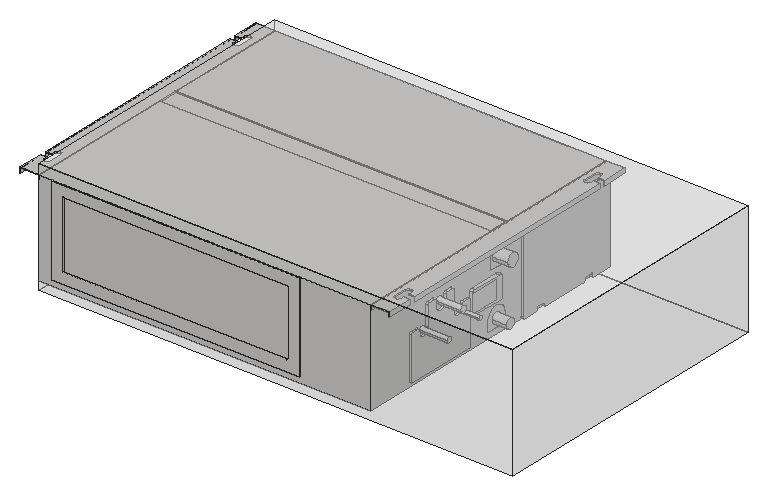
Revit family "outputfile", category 機械設備, Revit 2024
Family settings
  丸型コネクタ寸法 = 半径を使用
  パーツ タイプ = 標準
  OmniClass 番号 = 23.75.10.24.21.27.27
  OmniClass タイトル = Split System Air Conditioning Units
  作業面ベース = いいえ
  常に垂直 = はい
  ロード時にボイドで切り取り = いいえ
  注釈の向きを維持 = いいえ
  共有 = いいえ
  部屋計算ポイント = はい
Parameters (values of type "FPRAQ25APVM")
  Description = ""
  製造元 = "Daikin"
  書き出し IFC クラス(タイプ) = "IfcUnitaryEquipmentType"
  定義済み IFC タイプ(タイプ) = "AIRCONDITIONINGUNIT"
  Cost = 0
  モデル = "FPRAQ25APVM"
  Type Comments = ""
  Keynote = ""
  Type Image = (empty or 0)
  Assembly Code = ""
  r_HP/LP Gas Pipe Size = [HP/LP Gas Pipe Size] / 2  # 4.75 mm
  lw_suctionflange = 40.0 mm  # constant formula
  r_Liquid Pipe Size = Liquid Pipe Size / 2  # 3.2 mm
  r_Gas Pipe Size = Gas Pipe Size / 2  # 6.35 mm
  r_Drain Pipe Size = Drain Pipe Size / 2  # 13.0 mm
  lw_dischargeflange = 61.0 mm
  lw_SA_left = 351.0 mm
  lw_SA = Width - 178.0 mm  # 522.0 mm
  lw_RA = 618.0 mm
  lw_HP/LP Gas = 60.0 mm  # constant formula
  lh_suctionflange [instance] = if(Rear Connection_Return Air, -100.0 mm, -10.0 mm)  # -100.0 mm
  lh_power = 100.0 mm  # constant formula
  lh_mountinghole1 = lh_mountinghole  # 200.0 mm
  lh_dischargeflange = 105.5 mm  # constant formula
  lh_RA = 198.0 mm  # constant formula
  lh_HP/LP Gas = -103.0 mm  # constant formula
  left_pipe = no
  ld_dischargeflange = 310.0 mm  # constant formula
  ld_suctionflange [instance] = if(Rear Connection_Return Air, 190.0 mm, 100.0 mm)  # 190.0 mm
  ld_HP/LP Gas = 179.0 mm  # constant formula
  angle_vertical_RA [instance] = if(Rear Connection_Return Air, 90.00°, 0.00°)  # 90.00°
  angle horizontal_RA [instance] = if(Rear Connection_Return Air, 180.00°, 270.00°)  # 180.00°
  Voltage_comment_60Hz = "220-230"
  Voltage_comment_50Hz = "220 - 240"
  Voltage_60Hz = 220 V
  Voltage_50Hz = 230 V
  URL = ""
  Supply Air Direction [instance] = yes
  Sound Power Level_H speed (dB) = 0
  Rear Connection_Return Air [instance] = not(Bottom Connection_Return Air)  # yes
  ld_RA = 190.0 mm  # constant formula
  Phase_60Hz = 1
  Phase_50Hz = 1
  Minimum External Static Pressure = 0.00 Pa
  Minimum Circuit Amps_60Hz = 0.44 A
  Minimum Circuit Amps_50Hz = 0.44 A
  Maximum Fuse Amps_60Hz = 16.0 A
  Maximum Fuse Amps_50Hz = 16.0 A
  Maximum External Static Pressure = 10.00 Pa
  Material_Casing = DAIKIN_GalvanizedSteel_Casing_indoorunit
  lw_mountinghole = 740.0 mm
  lh_gaspipe = -67.0 mm  # constant formula
  lh_mountinghole = 200.0 mm  # constant formula
  lh_liquidpipe = -103.0 mm  # constant formula
  lh_drainpipe = -50.0 mm  # constant formula
  lh_antena = 1.0 mm  # constant formula
  ld_drainpipe = 23.0 mm  # constant formula
  ld_liquidpipe = 89.0 mm  # constant formula
  ld_gaspipe = 134.0 mm  # constant formula
  ld_mountinghole = 500.0 mm  # constant formula
  h*** = 100.0 mm  # constant formula
  lw_liquidpipe = 54.5 mm  # constant formula
  lw_gaspipe = 54.5 mm  # constant formula
  lw_drainpipe = 33.0 mm  # constant formula
  Width = 700.0 mm
  Version = "ver.1.0"
  Unit Type = "Moisture Control 3D Air Flow Ceiling Mounted Duct Type"
  Unit Mass Weight = 24.00 kg
  Unit Designation [instance] = ""
  Uniclass2015Version = "Products v1.30"
  Uniclass2015Title = "Variable refrigerant flow units"
  Uniclass2015Code = "Pr_70_65_03_94"
  Total Cooling Capacity [instance] = 0.000 kW
  Sound Pressure Level_M speed (dBA) = 26
  Sound Pressure Level_L speed (dBA) = 23
  Sound Pressure Level_H speed (dBA) = 29
  Series = "VRV HOME_Fan Coil Unit"
  Sensible Cooling Capacity [instance] = 0.000 kW
  SA Duct Size Width = 456.0 mm
  SA Duct Size Height = 141.0 mm
  Refrigerant Type = "R410A"
  RA Duct Size Width = 580.0 mm
  RA Duct Size Height = 160.0 mm
  Power Input (Cooling) = 0.033 kW
  Option Accessory 3 [instance] = ""
  Option Accessory 2 [instance] = ""
  Option Accessory 1 [instance] = ""
  Nominal Cooling Capacity = 2.800 kW
  Minimum Airflow = 324.00 m³/h
  Median Airflow = 378.00 m³/h
  Maximum Airflow = 432.00 m³/h
  Load Classification = HVAC
  Liquid Pipe Size = 6.4 mm
  Link_Nested Family [instance] = ""
  IfcVersion = ""
  IfcExportType = "AIRCONDITIONINGUNIT"
  IfcExportAs = "IfcUnitaryEquipmentType"
  Height = 200.0 mm
  Heat Exchanger Type = "Cross Fin Coil"
  HP/LP Gas Pipe Size = 9.5 mm
  Gas Pipe Size = 12.7 mm
  Frequency_60Hz = 60 Hz
  Frequency_50Hz = 50 Hz
  Fan Type = "Sirocco Fan"
  Fan Drive = "Direct Drive"
  FCU Tag No. [instance] = ""
  Drain Pipe Size = 26.0 mm
  Design Supply Airflow [instance] = 0.00 m³/h
  Design Return Airflow [instance] = 0.00 m³/h
  Design External Static Pressure [instance] = 0.00 Pa
  Depth = 620.0 mm
  既定の高さ = 0.0 mm
  Cooling Entering Wet Bulb Temperature [instance] = 0.00 °C
  Cooling Entering Dry Bulb Temperature [instance] = 0.00 °C
  Cooling Ambient Wet Bulb Temperature [instance] = 0.00 °C
  Cooling Ambient Dry Bulb Temperature [instance] = 0.00 °C
  Clearance visibility [instance] = yes
  Clearance Top = 20.0 mm
  Clearance Right = 300.0 mm
  Clearance Rear = 0.0 mm
  Clearance Left = 0.0 mm
  Clearance Front = 0.0 mm
  Clearance Bottom = 20.0 mm
  Bottom Connection_Return Air [instance] = no
Reference planes
  plane 1 "Center (Front/Back)": y = 0
  plane 2 "h": z = 0
  plane 3 "Center (Left/Right)": x = 0
  plane 4 "Back": y = 310
  plane 5 "Front": y = -310
  plane 6 "Left": x = -350
  plane 7 "Reight": x = 350
  plane 8 "Top": z = 0
  plane 9 "Bottom": z = -200
  plane 10: z = 1.2
  plane 11: z = -2
  plane 12: y = -136.255
  plane 13: y = -88.831
  plane 14: x = -370
  plane 15 "lh_mountinghole": z = 0
  plane 16: z = -50
  plane 17: y = -250
  plane 18: y = 250
  plane 19 "ld_liquidpipe": y = -89
  plane 20 "ld_gaspipe": y = -134
  plane 21: y = -215
  plane 22 "ld_drainpipe": y = 23
  plane 23: x = -370
  plane 24: x = -350
  plane 25: x = 348.7
  plane 26: x = 383
  plane 27: x = 357
  plane 28: x = 360
  plane 29: x = 358
  plane 30: x = 370
  plane 31: y = 20
  plane 32: x = 380
  plane 33: x = 348
  plane 34: y = 310
  plane 35: y = -310
  plane 36: x = -350
  plane 37: x = 650
  plane 38: z = 20
  plane 39: z = -220
  plane 40: y = 335
  plane 41: z = -198
  plane 42: z = 205.102
  plane 43 "d_liquid_pipe": x = 404.5
  plane 44 "d_gas_pipe": x = 404.5
  plane 45 "ld_SA": y = -310
  plane 46: x = -350
  plane 47: x = -61
  plane 48: y = 500
  plane 49: z = -94.5
  plane 50: x = -349
  plane 51: z = -199
  plane 52: z = -1
  plane 53: y = 120
  plane 54: y = 110
  plane 55: z = -10
  plane 56 "RA_width": x = -40
  plane 57: y = 210
  plane 58 "RA_depth": y = 120
  plane 59: z = -100
  plane 60: x = -349
  plane 61: y = 309
  plane 62: x = 241.57
  plane 63: z = -30
  plane 64 "ld_HP/LP Gas": y = -179
  plane 65: x = 410
  plane 66: x = 330.5
  plane 67: y = 260.8
  plane 68 "h115": z = -84.79
  plane 69: y = 194.79
Forms (mm)
  Extrusion 1, solid, material "DAIKIN_GalvanizedSteel_Casing_indoorunit" <- "Material_Casing"
    sketch origin (0, 0, 0) x (1, 0, 0) y (0, 1, 0)
      loop
        line (-350, 310) -> (-350, -310) -> (350, -310) -> (350, 310) -> (-350, 310)
    from -200 to 0
  Extrusion 2, solid, material "DAIKIN_GalvanizedSteel_Casing_indoorunit" <- "Material_Casing"
    sketch origin (0, 0, 0) x (0, 1, 0) y (0, 0, 1)
      loop
        arc (22.012, -86.909) -> (21.133, -84.787) -> (19.012, -83.909) r 3
        line (19.012, -83.909) -> (-47.992, -83.909)
        arc (-47.992, -83.909) -> (-50.114, -84.788) -> (-50.992, -86.91) r 3
        line (-50.992, -86.91) -> (-50.992, -128.409)
        arc (-50.992, -128.409) -> (-50.114, -130.53) -> (-47.992, -131.409) r 3
        line (-47.992, -131.409) -> (19.012, -131.409)
        arc (19.012, -131.409) -> (21.133, -130.53) -> (22.012, -128.409) r 3
        line (22.012, -128.409) -> (22.012, -86.909)
    from 350 to 360
  Extrusion 3, void
    sketch origin (0, 0, 0) x (1, 0, 0) y (0, 1, 0)
      loop
        line (348.7, 48.53) -> (-350, 48.53) -> (-350, 6.27) -> (348.7, 6.27) -> (348.7, 48.53)
    from -2 to 0
  Extrusion 4, void
    sketch origin (0, 0, 0) x (0, 1, 0) y (0, 0, 1)
      loop
        line (-138.492, -87.409) -> (-138.492, -127.909) -> (9.612, -127.909) -> (9.612, -87.409) -> (-138.492, -87.409)
    from 358 to 360
  Extrusion 5, solid, material "DAIKIN_GalvanizedSteel_Casing_indoorunit" <- "Material_Casing"
    sketch origin (0, 0, 0) x (0, 1, 0) y (0, 0, 1)
      loop
        circle (20, -170) r 10
    from 350 to 380
  Extrusion 6, solid, material "DAIKIN_GalvanizedSteel_Casing_indoorunit" <- "Material_Casing"
    sketch origin (0, 0, 0) x (0, 1, 0) y (0, 0, 1)
      loop
        circle (23, -50) r 13
    from 348 to 383
  Extrusion 7, void
    sketch origin (0, 0, 0) x (0, 1, 0) y (0, 0, 1)
      loop
        arc (2.051, -70.461) -> (3.512, -73.988) -> (7.039, -75.449) r 4.988
        line (7.039, -75.449) -> (38.961, -75.449)
        arc (38.961, -75.449) -> (42.488, -73.988) -> (43.949, -70.461) r 4.988
        line (43.949, -70.461) -> (43.949, -34.039)
        arc (43.949, -34.039) -> (42.488, -30.512) -> (38.961, -29.051) r 4.988
        line (38.961, -29.051) -> (7.039, -29.051)
        arc (7.039, -29.051) -> (3.512, -30.512) -> (2.051, -34.039) r 4.988
        line (2.051, -34.039) -> (2.051, -70.461)
      loop
        arc (44.442, -169.501) -> (20.002, -145.061) -> (-4.438, -169.501) r 24.44
        line (-4.438, -169.501) -> (-4.438, -189.537) -> (44.442, -189.537) -> (44.442, -169.501)
    from 348 to 350
  Extrusion 8, solid
    sketch origin (0, 0, 0) x (0, 1, 0) y (0, 0, 1)
      loop
        circle (-89, -103) r 3.2
    from 350 to 404.5
  Extrusion 9, solid
    sketch origin (0, 0, 0) x (0, 1, 0) y (0, 0, 1)
      loop
        circle (-134, -67) r 6.35
    from 350 to 404.5
  Extrusion 10, solid, material "DAIKIN_GalvanizedSteel_Casing_indoorunit" <- "Material_Casing"
    sketch origin (0, 0, 0) x (1, 0, 0) y (0, 1, 0)
      loop
        circle (330.5, 260.8) r 17.5
    from -198 to -200
  Extrusion 11, void
    sketch origin (0, 0, 0) x (1, 0, 0) y (0, 0, 1)
      loop
        line (-349, -1) -> (-349, -199) -> (269, -199) -> (269, -1) -> (-349, -1)
    from -310 to -120
  Extrusion 12, void
    sketch origin (0, 0, 0) x (1, 0, 0) y (0, 1, 0)
      loop
        line (-349, 309) -> (-349, 111) -> (269, 111) -> (269, 309) -> (-349, 309)
    from -200 to -10
  Extrusion 13, solid, material "DAIKIN_GalvanizedSteel_Casing_indoorunit" <- "Material_Casing", visible <- "Rear Connection_Return Air"
    sketch origin (0, 0, 0) x (1, 0, 0) y (0, 1, 0)
      loop
        line (269, 309) -> (-349, 309) -> (-349, 111) -> (269, 111) -> (269, 309)
    from -200 to -199
  Extrusion 14, solid, material "DAIKIN_GalvanizedSteel_Casing_indoorunit" <- "Material_Casing", visible <- "Bottom Connection_Return Air"
    sketch origin (0, 0, 0) x (1, 0, 0) y (0, 0, 1)
      loop
        line (269, -1) -> (-349, -1) -> (-349, -199) -> (269, -199) -> (269, -1)
    from -310 to -300
  Extrusion 15, solid
    sketch origin (0, 0, 0) x (0, 1, 0) y (0, 0, 1)
      loop
        circle (-179, -103) r 4.75
    from 350 to 410
  Extrusion 16, solid, material "DAIKIN_GalvanizedSteel_Casing_indoorunit" <- "Material_Casing"
    sketch origin (0, 0, 0) x (0, 1, 0) y (0, 0, 1)
      loop
        arc (83.953, -195.012) -> (84.829, -197.128) -> (86.945, -198.005) r 2.993
        line (86.945, -198.005) -> (116.373, -198.005)
        arc (116.373, -198.005) -> (118.489, -197.128) -> (119.366, -195.012) r 2.993
        line (119.366, -195.012) -> (119.366, -188.29)
        arc (119.366, -188.29) -> (120.862, -186.794) -> (122.359, -188.29) r 1.496
        line (122.359, -188.29) -> (122.359, -190.333) -> (137.322, -190.333) -> (137.322, -188.29)
        arc (137.322, -188.29) -> (138.818, -186.794) -> (140.315, -188.29) r 1.496
        line (140.315, -188.29) -> (140.315, -195.012)
        arc (140.315, -195.012) -> (141.191, -197.128) -> (143.307, -198.005) r 2.993
        line (143.307, -198.005) -> (241.068, -198.005)
        arc (241.068, -198.005) -> (243.185, -197.128) -> (244.061, -195.012) r 2.993
        line (244.061, -195.012) -> (244.061, -188.29)
        arc (244.061, -188.29) -> (245.558, -186.794) -> (247.054, -188.29) r 1.496
        line (247.054, -188.29) -> (247.054, -190.333) -> (262.017, -190.333) -> (262.017, -188.29)
        arc (262.017, -188.29) -> (263.514, -186.794) -> (265.01, -188.29) r 1.496
        line (265.01, -188.29) -> (265.01, -195.012)
        arc (265.01, -195.012) -> (265.887, -197.128) -> (268.003, -198.005) r 2.993
        line (268.003, -198.005) -> (310, -198.005) -> (310, -22.445) -> (280.969, -22.445) -> (277.477, -25.937) -> (207.648, -25.937) -> (204.157, -22.445) -> (86.945, -22.445)
        arc (86.945, -22.445) -> (84.829, -23.322) -> (83.953, -25.438) r 2.993
        line (83.953, -25.438) -> (83.953, -195.012)
      loop
        arc (-116.44, -57.656) -> (-118.563, -58.535) -> (-119.443, -60.659) r 3.003
        line (-119.443, -60.659) -> (-119.443, -71.5)
        arc (-119.443, -71.5) -> (-134, -86.057) -> (-148.557, -71.5) r 14.557
        line (-148.557, -71.5) -> (-148.557, -60.659)
        arc (-148.557, -60.659) -> (-149.437, -58.535) -> (-151.56, -57.656) r 3.003
        line (-151.56, -57.656) -> (-164.073, -57.656)
        arc (-164.073, -57.656) -> (-166.196, -58.535) -> (-167.076, -60.659) r 3.003
        line (-167.076, -60.659) -> (-167.076, -103)
        arc (-167.076, -103) -> (-179.13, -115.055) -> (-191.185, -103) r 12.055
        line (-191.185, -103) -> (-191.185, -98.897)
        arc (-191.185, -98.897) -> (-192.064, -96.774) -> (-194.188, -95.894) r 3.003
        line (-194.188, -95.894) -> (-208.202, -95.894)
        arc (-208.202, -95.894) -> (-210.325, -96.774) -> (-211.205, -98.897) r 3.003
        line (-211.205, -98.897) -> (-211.205, -189.537) -> (-58.882, -189.537) -> (-58.882, -98.897)
        arc (-58.882, -98.897) -> (-59.762, -96.774) -> (-61.885, -95.894) r 3.003
        line (-61.885, -95.894) -> (-74.026, -95.894)
        arc (-74.026, -95.894) -> (-76.15, -96.774) -> (-77.029, -98.897) r 3.003
        line (-77.029, -98.897) -> (-77.029, -103)
        arc (-77.029, -103) -> (-88.977, -114.948) -> (-100.924, -103) r 11.948
        line (-100.924, -103) -> (-100.924, -60.659)
        arc (-100.924, -60.659) -> (-101.804, -58.535) -> (-103.927, -57.656) r 3.003
        line (-103.927, -57.656) -> (-116.44, -57.656)
    from 350 to 357
  Revolve 17, solid, material "DAIKIN_GalvanizedSteel_Casing_indoorunit" <- "Material_Casing", visible <- "left_pipe"
    sketch origin (0, 0, -84.79) x (0, 1, 0) y (-1, 0, 0)
      loop
        line (194.79, 350) -> (194.79, 365.7) -> (187.29, 365.7) -> (187.29, 358.7) -> (177.29, 358.7) -> (177.29, 350) -> (194.79, 350)
      axis (194.79, 365.7) -> (194.79, 350)
    angle from 0 to 360
Cuts and joins
  Extrusion 3, Extrusion 4, Extrusion 7, Extrusion 11, Extrusion 12 cuts Extrusion 1
  Extrusion 4 cuts Extrusion 2
  Extrusion 11 cuts Extrusion 6
Dimensions and locks
  "Height": plane 8 "Top" to plane 9 "Bottom"
  locked: plane 10 to plane 8 "Top" at 1.2
  locked: plane 8 "Top" to plane 11 at 2
  equal spacing: plane 17, plane 1 "Center (Front/Back)", plane 18
  "ld_mountinghole": plane 17 to plane 18
  "ld_gaspipe": plane 20 "ld_gaspipe" to plane 1 "Center (Front/Back)"
  "ld_liquidpipe": plane 19 "ld_liquidpipe" to plane 1 "Center (Front/Back)"
  equal spacing: plane 4 "Back", plane 1 "Center (Front/Back)", plane 5 "Front"
  "Depth": plane 4 "Back" to plane 5 "Front"
  locked: plane 12 to plane 1 "Center (Front/Back)" at 136.255
  locked: plane 12 to plane 13 at 47.425
  locked: plane 13 to plane 1 "Center (Front/Back)" at 88.831
  equal spacing: plane 6 "Left", plane 3 "Center (Left/Right)", plane 7 "Reight"
  "Width": plane 6 "Left" to plane 7 "Reight"
  "lw_drainpipe": plane 7 "Reight" to plane 26
  locked: plane 7 "Reight" to plane 27 at 7
  locked: plane 28 to plane 26 at 23
  locked: plane 29 to plane 26 at 25
  equal spacing: plane 23, plane 3 "Center (Left/Right)", plane 30
  "lw_mountinghole": plane 23 to plane 30
  locked: plane 7 "Reight" to plane 32 at 30
  locked: plane 33 to plane 7 "Reight" at 2
  "Clearance Left": plane 36 to plane 6 "Left"
  "Clearance Right": plane 7 "Reight" to plane 37
  "Clearance Rear": plane 34 to plane 4 "Back"
  "Clearance Front": plane 5 "Front" to plane 35
  "Clearance Top": plane 38 to plane 8 "Top"
  "Clearance Bottom": plane 9 "Bottom" to plane 39
  locked: plane 40 to plane 4 "Back" at 25
  locked: plane 25 to plane 7 "Reight" at 1.3
  locked: plane 41 to plane 9 "Bottom" at 2
  "lw_liquidpipe": plane 7 "Reight" to plane 43 "d_liquid_pipe"
  "lw_gaspipe": plane 7 "Reight" to plane 44 "d_gas_pipe"
  "lh_mountinghole": plane 15 "lh_mountinghole" to plane 9 "Bottom"
  "ld_suctionflange": plane 48 to plane 4 "Back"
  "lw_dischargeflange": plane 47 to plane 3 "Center (Left/Right)"
  "lh_dischargeflange": plane 49 to plane 9 "Bottom"
  locked: plane 8 "Top" to plane 52 at 1
  locked: plane 50 to plane 6 "Left" at 1
  locked: plane 51 to plane 9 "Bottom" at 1
  locked: plane 55 to plane 9 "Bottom" at 190
  locked: plane 4 "Back" to plane 53 at 190
  locked: plane 4 "Back" to plane 54 at 200
  locked: plane 4 "Back" to plane 57 at 100
  "lw_suctionflange": plane 56 "RA_width" to plane 3 "Center (Left/Right)"
  "ld_suctionflange": plane 4 "Back" to plane 58 "RA_depth"
  "lh_power": plane 59 to plane 9 "Bottom"
  locked: plane 46 to plane 60 at 1
  locked: plane 34 to plane 61 at 1
  locked: plane 8 "Top" to plane 63 at 30
  locked: plane 7 "Reight" to plane 62 at 108.43
  locked: plane 16 to plane 9 "Bottom" at 150
  locked: Extrusion 3 sketch curve to Extrusion 3 sketch curve at 42.26
  "ld_HP/LP Gas": plane 64 "ld_HP/LP Gas" to plane 1 "Center (Front/Back)"
  "ld_drainpipe": plane 1 "Center (Front/Back)" to plane 22 "ld_drainpipe"
  locked: plane 1 "Center (Front/Back)" to plane 31 at 20
  locked: Extrusion 5 sketch curve to plane 9 "Bottom" at 30
  Extrusion 15 sketch curve to plane 9 "Bottom" = 97.0 mm
  "lw_HP/LP Gas": plane 7 "Reight" to plane 65
  locked: Extrusion 9 sketch curve to plane 9 "Bottom" at 133
  locked: Extrusion 8 sketch curve to plane 9 "Bottom" at 97
  plane 66 to plane 7 "Reight" = 19.5 mm
  locked: plane 68 "h115" to plane 9 "Bottom" at 115.21
  locked: plane 4 "Back" to plane 69 at 115.21
  Revolve 17 sketch curve to plane 6 "Left" = 8.7 mm
  Revolve 17 sketch curve to plane 6 "Left" = 15.7 mm
  locked: plane 69 to Revolve 17 sketch curve at 17.5
  locked: plane 69 to Revolve 17 sketch curve at 7.5
  "ld_dischargeflange": plane 45 "ld_SA" to plane 1 "Center (Front/Back)"
  plane 4 "Back" to cut or joined group of Extrusion 1, Extrusion 3, Extrusion 4, Extrusion 7, Extrusion 11, Extrusion 12 = 261.47 mm
  plane 4 "Back" to plane 67 = 49.2 mm
  "Drain Pipe Size": diameter of Extrusion 6 sketch curve
  "Liquid Pipe Size": diameter of Extrusion 8 sketch curve
  "Gas Pipe Size": diameter of Extrusion 9 sketch curve
  "HP/LP Gas Pipe Size": diameter of Extrusion 15 sketch curve
  aligned and locked: level to plane 2 "h"
  aligned and locked: plane 8 "Top" to Extrusion 1
  aligned and locked: Extrusion 1 to plane 9 "Bottom"
  aligned and locked: Extrusion 3 to plane 11
  aligned and locked: plane 8 "Top" to Extrusion 3
  aligned and locked: Extrusion 2 to Extrusion 4
  aligned and locked: nested 3 to plane 20 "ld_gaspipe"
  aligned and locked: nested 4 to plane 19 "ld_liquidpipe"
  aligned and locked: nested 5 to plane 22 "ld_drainpipe"
  aligned and locked: nested 1 to plane 7 "Reight"
  aligned and locked: plane 6 "Left" to plane 24
  aligned and locked: Extrusion 3 sketch curve to plane 24
  aligned and locked: Extrusion 3 sketch curve to plane 25
  aligned and locked: cut or joined group of Extrusion 1, Extrusion 3, Extrusion 4, Extrusion 7, Extrusion 11, Extrusion 12 to plane 6 "Left"
  aligned and locked: plane 7 "Reight" to cut or joined group of Extrusion 1, Extrusion 3, Extrusion 4, Extrusion 7, Extrusion 11, Extrusion 12
  aligned and locked: plane 26 to Extrusion 6
  aligned and locked: Extrusion 6 to plane 26  (x2)
  aligned and locked: plane 7 "Reight" to nested 1
  aligned and locked: plane 28 to cut or joined group of Extrusion 2, Extrusion 4
  aligned and locked: cut or joined group of Extrusion 2, Extrusion 4 to plane 29
  aligned and locked: nested 2 to plane 6 "Left"
  aligned and locked: plane 31 to Extrusion 5 sketch curve
  aligned and locked: Extrusion 5 to plane 7 "Reight"
  aligned and locked: plane 32 to Extrusion 5
  aligned and locked: Extrusion 2 to plane 7 "Reight"
  aligned and locked: plane 7 "Reight" to Extrusion 7
  aligned and locked: plane 33 to Extrusion 7
  aligned and locked: plane 33 to Extrusion 6
  aligned and locked: plane 3 "Center (Left/Right)" to nested 6
  aligned and locked: plane 1 "Center (Front/Back)" to nested 6
  aligned and locked: plane 4 "Back" to cut or joined group of Extrusion 1, Extrusion 3, Extrusion 4, Extrusion 7, Extrusion 11, Extrusion 12
  aligned and locked: nested 7 to plane 35
  aligned and locked: plane 36 to nested 7
  aligned and locked: plane 37 to nested 7
  aligned and locked: nested 7 to plane 36
  aligned and locked: plane 34 to nested 7
  aligned and locked: plane 38 to nested 7
  aligned and locked: plane 39 to nested 7
  aligned and locked: Extrusion 8 to plane 7 "Reight"
  aligned and locked: plane 43 "d_liquid_pipe" to Extrusion 8
  aligned and locked: plane 20 "ld_gaspipe" to Extrusion 9 sketch curve
  aligned and locked: Extrusion 9 to plane 7 "Reight"
  aligned and locked: plane 44 "d_gas_pipe" to Extrusion 9
  aligned and locked: plane 44 "d_gas_pipe" to nested 3
  aligned and locked: plane 43 "d_liquid_pipe" to nested 4
  aligned and locked: plane 19 "ld_liquidpipe" to Extrusion 8 sketch curve
  aligned and locked: plane 15 "lh_mountinghole" to nested 2
  aligned and locked: plane 15 "lh_mountinghole" to nested 1
  aligned and locked: plane 30 to nested 8
  aligned and locked: plane 17 to nested 8
  aligned and locked: plane 30 to nested 11
  aligned and locked: plane 18 to nested 11
  aligned and locked: plane 23 to nested 9
  aligned and locked: plane 18 to nested 9
  aligned and locked: plane 23 to nested 10
  aligned and locked: plane 17 to nested 10
  aligned and locked: plane 47 to nested 12
  aligned and locked: plane 49 to nested 12
  aligned and locked: Extrusion 10 to plane 9 "Bottom"
  aligned and locked: nested 13 to plane 9 "Bottom"
  aligned and locked: plane 50 to Extrusion 11 sketch curve
  aligned and locked: Extrusion 11 sketch curve to plane 52
  aligned and locked: plane 51 to Extrusion 11 sketch curve
  aligned and locked: plane 4 "Back" to Extrusion 11
  aligned and locked: Extrusion 12 to plane 9 "Bottom"
  aligned and locked: plane 55 to Extrusion 12
  aligned and locked: Extrusion 13 sketch curve to cut or joined group of Extrusion 1, Extrusion 3, Extrusion 4, Extrusion 7, Extrusion 11, Extrusion 12
  aligned and locked: cut or joined group of Extrusion 1, Extrusion 3, Extrusion 4, Extrusion 7, Extrusion 11, Extrusion 12 to Extrusion 13 sketch curve
  aligned and locked: Extrusion 13 to plane 9 "Bottom"
  aligned and locked: Extrusion 11 to plane 53
  aligned and locked: Extrusion 14 sketch curve to cut or joined group of Extrusion 1, Extrusion 3, Extrusion 4, Extrusion 7, Extrusion 11, Extrusion 12  (x3)
  aligned and locked: plane 4 "Back" to Extrusion 14
  aligned and locked: Extrusion 13 to cut or joined group of Extrusion 1, Extrusion 3, Extrusion 4, Extrusion 7, Extrusion 11, Extrusion 12
  aligned and locked: plane 7 "Reight" to nested 5
  aligned and locked: plane 22 "ld_drainpipe" to nested 5
  aligned and locked: nested 2 to plane 1 "Center (Front/Back)"
  aligned and locked: plane 22 "ld_drainpipe" to Extrusion 6 sketch curve
  aligned and locked: plane 7 "Reight" to nested 17
  aligned and locked: plane 64 "ld_HP/LP Gas" to nested 17
  aligned and locked: plane 64 "ld_HP/LP Gas" to Extrusion 15 sketch curve
  aligned and locked: Extrusion 15 to plane 65
  aligned and locked: Extrusion 16 to plane 7 "Reight"
  aligned and locked: Extrusion 16 to plane 27
  aligned and locked: plane 67 to Extrusion 10 sketch curve
  aligned and locked: plane 66 to Extrusion 10 sketch curve
  aligned and locked: plane 66 to nested 13
  aligned and locked: plane 67 to nested 13
  aligned and locked: nested 16 to Extrusion 13 sketch curve
  aligned and locked: plane 56 "RA_width" to nested 15
  aligned and locked: Extrusion 15 to plane 7 "Reight"
  aligned and locked: plane 56 "RA_width" to nested 16
  aligned and locked: Revolve 17 sketch curve to plane 69  (x2)
  aligned and locked: nested 15 to plane 58 "RA_depth"
  aligned and locked: plane 47 to nested 18
  aligned and locked: nested 18 to plane 49
  aligned and locked: plane 1 "Center (Front/Back)" to nested 12
  aligned and locked: plane 45 "ld_SA" to nested 18
  aligned and locked: plane 5 "Front" to Extrusion 1 sketch curve
Automatic sketch dimensions
  Extrusion 1 sketch curve to plane 6 "Left" = 0.0 mm
  Extrusion 1 sketch curve to plane 7 "Reight" = 0.0 mm
  Extrusion 1 sketch curve to plane 4 "Back" = 0.0 mm
  plane 6 "Left" to Extrusion 12 sketch curve = 1.0 mm
  Extrusion 12 sketch curve to plane 7 "Reight" = 81.0 mm
  Extrusion 12 sketch curve to plane 4 "Back" = 1.0 mm
  Extrusion 13 sketch curve to plane 4 "Back" = 1.0 mm
  plane 33 to Extrusion 14 sketch curve = 79.0 mm
  plane 33 to Extrusion 11 sketch curve = 79.0 mm
  plane 54 to Extrusion 12 sketch curve = 1.0 mm
  Extrusion 6 sketch curve to plane 16 = 0.0 mm
  Extrusion 2 sketch curve to Extrusion 2 sketch curve = 3.0 mm  (x5)
  Extrusion 2 sketch curve to plane 49 = 7.591 mm
  Extrusion 4 sketch curve to plane 49 = 7.091 mm
  Extrusion 4 sketch curve to plane 1 "Center (Front/Back)" = 9.612 mm
  plane 20 "ld_gaspipe" to Extrusion 4 sketch curve = 4.492 mm
  Extrusion 4 sketch curve to plane 59 = 27.909 mm
  plane 22 "ld_drainpipe" to Extrusion 2 sketch curve = 3.988 mm
  Extrusion 2 sketch curve to plane 59 = 28.409 mm
  Extrusion 2 sketch curve to plane 19 "ld_liquidpipe" = 41.008 mm
  plane 1 "Center (Front/Back)" to Extrusion 7 sketch curve = 4.438 mm
  Extrusion 7 sketch curve to plane 1 "Center (Front/Back)" = 2.051 mm
  plane 63 to Extrusion 7 sketch curve = 0.949 mm
  Extrusion 7 sketch curve to plane 1 "Center (Front/Back)" = 7.039 mm  (x2)
  plane 22 "ld_drainpipe" to Extrusion 7 sketch curve = 2.998 mm
  Extrusion 7 sketch curve to plane 22 "ld_drainpipe" = 15.961 mm  (x2)
  Extrusion 7 sketch curve to Extrusion 7 sketch curve = 4.988 mm
  Extrusion 7 sketch curve to plane 49 = 24.039 mm
  plane 41 to Extrusion 7 sketch curve = 28.499 mm
  plane 41 to Extrusion 7 sketch curve = 8.463 mm
  Extrusion 16 sketch curve to plane 21 = 3.795 mm  (x2)
  Extrusion 16 sketch curve to Extrusion 16 sketch curve = 3.003 mm  (x6)
  plane 49 to Extrusion 16 sketch curve = 1.394 mm  (x4)
  Extrusion 16 sketch curve to Extrusion 16 sketch curve = 0.0 mm  (x18)
  plane 49 to Extrusion 16 sketch curve = 4.397 mm  (x2)
  Extrusion 16 sketch curve to Extrusion 16 sketch curve = 14.014 mm
  Extrusion 16 sketch curve to plane 64 "ld_HP/LP Gas" = 0.13 mm
  plane 64 "ld_HP/LP Gas" to Extrusion 16 sketch curve = 11.924 mm
  Extrusion 16 sketch curve to Extrusion 16 sketch curve = 12.513 mm  (x2)
  plane 20 "ld_gaspipe" to Extrusion 16 sketch curve = 0.0 mm
  Extrusion 16 sketch curve to plane 59 = 3.0 mm  (x3)
  plane 19 "ld_liquidpipe" to Extrusion 16 sketch curve = 11.924 mm
  Extrusion 16 sketch curve to plane 19 "ld_liquidpipe" = 0.023 mm
  Extrusion 16 sketch curve to Extrusion 16 sketch curve = 12.141 mm
  plane 41 to Extrusion 16 sketch curve = 8.463 mm
  Extrusion 16 sketch curve to plane 19 "ld_liquidpipe" = 30.118 mm
  plane 63 to Extrusion 16 sketch curve = 4.562 mm
  Extrusion 16 sketch curve to plane 53 = 36.047 mm
  Extrusion 16 sketch curve to Extrusion 16 sketch curve = 2.993 mm  (x4)
  Extrusion 16 sketch curve to plane 41 = 0.005 mm  (x3)
  Extrusion 16 sketch curve to plane 53 = 3.627 mm
  Extrusion 16 sketch curve to plane 53 = 0.634 mm
  plane 53 to Extrusion 16 sketch curve = 0.862 mm
  Extrusion 16 sketch curve to Extrusion 16 sketch curve = 14.963 mm
  Extrusion 16 sketch curve to Extrusion 16 sketch curve = 1.496 mm  (x3)
  Extrusion 16 sketch curve to plane 57 = 5.843 mm
  Extrusion 16 sketch curve to plane 57 = 2.352 mm
  plane 18 to Extrusion 16 sketch curve = 8.932 mm
  plane 18 to Extrusion 16 sketch curve = 5.939 mm
  Extrusion 16 sketch curve to plane 18 = 12.017 mm
  plane 63 to Extrusion 16 sketch curve = 4.063 mm
  Extrusion 16 sketch curve to plane 18 = 27.477 mm
  Extrusion 16 sketch curve to Extrusion 16 sketch curve = 3.491 mm
  Extrusion 16 sketch curve to plane 4 "Back" = 0.0 mm
  Extrusion 16 sketch curve to Extrusion 16 sketch curve = 4.679 mm  (x2)
  Extrusion 16 sketch curve to Extrusion 16 sketch curve = 2.042 mm  (x4)
  Extrusion 16 sketch curve to plane 49 = 23.0 mm
  Extrusion 16 sketch curve to Extrusion 16 sketch curve = 10.841 mm  (x4)
  plane 63 to Extrusion 16 sketch curve = 7.555 mm
  Revolve 17 sketch curve to plane 6 "Left" = 0.0 mm
  plane 60 to Revolve 17 sketch curve = 53.3 mm
  Revolve 17 sketch curve to plane 14 = 10.7 mm
  Extrusion 3 sketch curve to plane 1 "Center (Front/Back)" = 6.27 mm
  radius of Extrusion 5 sketch curve = 10.0 mm
  radius of Extrusion 10 sketch curve = 17.5 mm
Nested families
  nested 1: "daikin_hangerfixture_FPRSQ-APVM" at (350, 0, 0), type "daikin_hangerfixture_FPRSQ-APVM"
  nested 2: "daikin_hangerfixture_FPRSQ-APVM" at (-350, 0, 0) x (-1, 0, 0) z (0, 0, 1), type "daikin_hangerfixture_FPRSQ-APVM"
  nested 3: "daikin_connector_rotate2" at (350, -134, -67) x (0, 1, 0) z (0, 0, 1), length <- "lw_gaspipe", built-in parameter 1001364 <- "lh_gaspipe", type "daikin_connector_rotate2"
    with radius 6.35 mm, length 54.5 mm, angle_vertical 90.00°
  nested 4: "daikin_connector_rotate2" at (350, -89, -103) x (0, 1, 0) z (0, 0, 1), length <- "lw_liquidpipe", built-in parameter 1001364 <- "lh_liquidpipe", type "daikin_connector_rotate2"
    with radius 3.2 mm, length 54.5 mm, angle_vertical 90.00°
  nested 5: "daikin_connector_rotate2" at (350, 23, -50) x (0, 1, 0) z (0, 0, 1), length <- "lw_drainpipe", built-in parameter 1001364 <- "lh_drainpipe", type "daikin_connector_rotate2"
    with radius 10.0 mm, length 33.0 mm, angle_vertical 90.00°
  nested 6: "daikin_△_symbolicline" at (0, 0, 200), built-in parameter 1001364 <- "Height", visible <- "Supply Air Direction", type "daikin_△_symbolicline"
    with length 200.0 mm
  nested 7: "daikin_clearancespace" at (150, 0, -99.881), visible <- "Clearance visibility", show <- "Clearance visibility", Link_Nested Family <- "Link_Nested Family", type "daikin_clearancespace"
    with width 1000.0 mm, show yes, height 240.0 mm, depth 620.0 mm, Link_Nested Family ""
  nested 8: "daikin_mountinghole" at (370, -250, -200), l_antenna <- "lh_antena", Link_Nested Family <- "Link_Nested Family", h_mountinghole <- "lh_mountinghole1", type "daikin_mountinghole"
    with show yes, l_antenna 1.0 mm, h_mountinghole 200.0 mm, Link_Nested Family ""
  nested 9: "daikin_mountinghole" at (-370, 250, -200), l_antenna <- "lh_antena", Link_Nested Family <- "Link_Nested Family", h_mountinghole <- "lh_mountinghole1", type "daikin_mountinghole"
    with show yes, l_antenna 1.0 mm, h_mountinghole 200.0 mm, Link_Nested Family ""
  nested 10: "daikin_mountinghole" at (-370, -250, -200), l_antenna <- "lh_antena", Link_Nested Family <- "Link_Nested Family", h_mountinghole <- "lh_mountinghole1", type "daikin_mountinghole"
    with show yes, l_antenna 1.0 mm, h_mountinghole 200.0 mm, Link_Nested Family ""
  nested 11: "daikin_mountinghole" at (370, 250, -200), l_antenna <- "lh_antena", Link_Nested Family <- "Link_Nested Family", h_mountinghole <- "lh_mountinghole1", type "daikin_mountinghole"
    with show yes, l_antenna 1.0 mm, h_mountinghole 200.0 mm, Link_Nested Family ""
  nested 12: "daikin_connector_rotate2" at (-61, 0, -94.5), length <- "ld_dischargeflange", type "daikin_connector_rotate2"
    with radius 10.0 mm, length 310.0 mm, angle_vertical 90.00°
  nested 13: "daikin_connector_rotate2" at (330.5, 260.8, -100) x (1, 0, 0) z (0, -1, 0), length <- "lh_power", type "daikin_connector_rotate2"
    with radius 10.0 mm, length 100.0 mm, angle_vertical 90.00°
  nested 14: "daikin_ductflange_FPRSQ-APVM2" at (-40, 310, -199), height <- "lh_RA", width <- "lw_RA", visible <- "Rear Connection_Return Air", type "daikin_ductflange_FPRSQ-APVM2"
    with width 618.0 mm, height 198.0 mm, depth 8.188 mm
  nested 15: "daikin_connector_rotate3" at (-40, 120, -100), built-in parameter 1001364 <- "lh_suctionflange", length <- "ld_RA", angle_vertical <- "angle_vertical_RA", angle_horizontal <- "angle horizontal_RA", type "daikin_connector_rotate3"
    with show no, radius 10.0 mm, length 190.0 mm, angle_vertical 90.00°, angle_horizontal 180.00°
  nested 16: "daikin_ductflange_FPRSQ-APVM2" at (-40, 111, -200) x (1, 0, 0) z (0, 1, 0), width <- "lw_RA", height <- "lh_RA", visible <- "Bottom Connection_Return Air", type "daikin_ductflange_FPRSQ-APVM2"
    with width 618.0 mm, height 198.0 mm, depth 562.323 mm
  nested 17: "daikin_connector_rotate2" at (350, -179, -103) x (0, 1, 0) z (0, 0, 1), length <- "lw_HP/LP Gas", built-in parameter 1001364 <- "lh_HP/LP Gas", type "daikin_connector_rotate2"
    with radius 4.8 mm, length 60.0 mm, angle_vertical 90.00°
  nested 18: "daikin_ductflange_FPRSQ-APVM3" at (-61, -310, -193.5), height <- "lh_RA", width <- "lw_SA", type "daikin_ductflange_FPRSQ-APVM3"
    with width 522.0 mm, height 198.0 mm, depth 1.0 mm
Connectors
  piping at (404.5, -134, -67), diameter 12.7, driven by "r_Gas Pipe Size"
    settings: on nested 3, index 3, connector inside diameter 609.6 mm, connector length 0.0 mm, flow factor 0, pipe flow 0.00 m³/h, pressure drop 0.0 Pa, fitting loss kfactor 0, connector angle 0.00°, fixture units 0, engagement length 0.0 mm, angle of deflection 0.00°, flow configuration 1, flow direction 2, fitting loss method 0, system type 29, joint type 0, gender type 0, connector reference index -1, connector utility 0, adjustable connector no, is connector primary yes, connector description "Refrigerant Gas Piping"
  piping at (404.5, -89, -103), diameter 6.4, driven by "r_Liquid Pipe Size"
    settings: on nested 4, index 4, connector inside diameter 609.6 mm, connector length 0.0 mm, flow factor 0, pipe flow 0.00 m³/h, pressure drop 0.0 Pa, fitting loss kfactor 0, connector angle 0.00°, fixture units 0, engagement length 0.0 mm, angle of deflection 0.00°, flow configuration 1, flow direction 1, fitting loss method 0, system type 29, joint type 0, gender type 0, connector reference index -1, connector utility 0, adjustable connector no, is connector primary no, connector description "Refrigerant Liquid Piping"
  piping at (383, 23, -50), diameter 26, driven by "r_Drain Pipe Size"
    settings: on nested 5, index 5, connector inside diameter 609.6 mm, connector length 0.0 mm, flow factor 0, pipe flow 0.00 m³/h, pressure drop 0.0 Pa, fitting loss kfactor 0, connector angle 0.00°, fixture units 0, engagement length 0.0 mm, angle of deflection 0.00°, flow configuration 1, flow direction 2, fitting loss method 4, system type 16, joint type 0, gender type 0, connector reference index -1, connector utility 0, adjustable connector no, is connector primary no, connector description "Condensate Drain Piping"
  electrical at (330.5, 260.8, -200), driven by "Load Classification"
    settings: on nested 13, index 12, voltage 0 V, apparent load 0 VA, apparent load phase1 0 VA, apparent load phase2 0 VA, apparent load phase3 0 VA, power factor 1, load classification "HVAC", number of poles 1, system type 30, power factor state 1, is connector primary yes, connector utility no, sub classification motor no, connector description "Power Supply"
  hvac at (-40, 310, -100), driven by "RA Duct Size Height", driven by "RA Duct Size Width"
    settings: on nested 15, index 13, duct flow 0.00 m³/h, flow factor 0, pres drop 0.00 Pa, loss coef 0, conn angle 0.00°, conn width 580.0 mm, conn height 160.0 mm, conn diameter 609.6 mm, duct sys type 2, conn prof type 1, flow config 0, flow direction 1, loss method 4, conn ref index -1, conn util no, is conn primary yes, conn desc "RA Duct"
  piping at (410, -179, -103), diameter 9.5, driven by "r_HP/LP Gas Pipe Size"
    settings: on nested 17, index 14, connector inside diameter 609.6 mm, connector length 0.0 mm, flow factor 0, pipe flow 0.00 m³/h, pressure drop 0.0 Pa, fitting loss kfactor 0, connector angle 0.00°, fixture units 0, engagement length 0.0 mm, angle of deflection 0.00°, flow configuration 1, flow direction 0, fitting loss method 0, system type 29, joint type 0, gender type 0, connector reference index -1, connector utility 0, adjustable connector no, is connector primary no, connector description "Refrigerant HP/LP Gas Piping"
  hvac at (-61, -310, -94.5), driven by "SA Duct Size Height", driven by "SA Duct Size Width"
    settings: on nested 12, index 15, duct flow 0.00 m³/h, flow factor 0, pres drop 0.00 Pa, loss coef 0, conn angle 0.00°, conn width 456.0 mm, conn height 141.0 mm, conn diameter 609.6 mm, duct sys type 1, conn prof type 1, flow config 0, flow direction 2, loss method 4, conn ref index -1, conn util no, is conn primary no, conn desc "SA Duct"
Definition of nested family "daikin_hangerfixture_FPRSQ-APVM"
  Parameters (values of type "daikin_hangerfixture_FXDSQ-AVM")
    width = 40.0 mm
    material = none
    height = 10.0 mm
    depth = 620.0 mm
    Default Elevation = 0.0 mm
  Reference planes
    plane 1 "Center (Front/Back)": y = 0
    plane 2: z = 0
    plane 3 "Center (Left/Right)": x = 0
    plane 4: y = 417.146
    plane 5: z = -1.6
    plane 6: x = 40
    plane 7: y = 310
    plane 8: y = -310
    plane 9: y = -313.5
    plane 10: y = 313.5
    plane 11: z = -10
    plane 12: x = 1.5
  Forms (mm)
    Extrusion 1, solid, material <- "material"
      sketch origin (0, 0, 0) x (1, 0, 0) y (0, 1, 0)
        loop
          line (12.981, 236.965) -> (12.981, 263.035)
          arc (12.981, 263.035) -> (20, 270.054) -> (27.019, 263.035) r 7.019
          line (27.019, 263.035) -> (27.019, 256.518) -> (40, 256.518) -> (40, 310) -> (0, 310) -> (0, -310) -> (40, -310) -> (40, -256.518) -> (27.019, -256.518) -> (27.019, -263.035)
          arc (27.019, -263.035) -> (20, -270.054) -> (12.981, -263.035) r 7.019
          line (12.981, -263.035) -> (12.981, -236.965)
          arc (12.981, -236.965) -> (20, -229.946) -> (27.019, -236.965) r 7.019
          line (27.019, -236.965) -> (27.019, -243.482) -> (40, -243.482) -> (40, 243.482) -> (27.019, 243.482) -> (27.019, 236.965)
          arc (27.019, 236.965) -> (20, 229.946) -> (12.981, 236.965) r 7.019
      from -1.6 to 0
    Extrusion 2, solid, material <- "material"
      sketch origin (0, 0, 0) x (0, 1, 0) y (0, 0, 1)
        loop
          line (310, -10) -> (310, 0) -> (-310, 0) -> (-310, -10) -> (310, -10)
      from 0 to 1.5
    Extrusion 3, solid, material <- "material"
      sketch origin (0, 0, 0) x (0, 1, 0) y (0, 0, 1)
        loop
          line (-310, -10) -> (-256.518, -10) -> (-256.518, 0) -> (-310, 0) -> (-310, -10)
        loop
          line (310, -10) -> (310, 0) -> (256.518, 0) -> (256.518, -10) -> (310, -10)
        loop
          line (-243.482, 0) -> (-243.482, -10) -> (243.482, -10) -> (243.482, 0) -> (-243.482, 0)
      from 38.442 to 40
  Cuts and joins
    joined: Extrusion 1, Extrusion 2, Extrusion 3
  Dimensions and locks
    "width": plane 3 "Center (Left/Right)" to plane 6
    "depth": plane 8 to plane 7
    equal spacing: plane 8, plane 1 "Center (Front/Back)", plane 7
    locked: plane 9 to plane 8 at 3.5
    locked: plane 7 to plane 10 at 3.5
    "height": level to plane 11
    locked: plane 12 to plane 3 "Center (Left/Right)" at 1.5
    locked: Extrusion 3 to plane 6 at 1.558
    aligned and locked: level to plane 2
    aligned and locked: level to Extrusion 1
    aligned and locked: Extrusion 1 to plane 5
    aligned and locked: level to Extrusion 2 sketch curve
    aligned and locked: plane 12 to Extrusion 2
    aligned and locked: level to Extrusion 3 sketch curve
    aligned and locked: plane 6 to cut or joined group of Extrusion 1, Extrusion 2, Extrusion 3
    aligned and locked: cut or joined group of Extrusion 1, Extrusion 2, Extrusion 3 to plane 11
  Automatic sketch dimensions
    Extrusion 2 sketch curve to plane 7 = 0.0 mm
    Extrusion 1 sketch curve to plane 3 "Center (Left/Right)" = 0.0 mm
    Extrusion 1 sketch curve to plane 6 = 0.0 mm  (x3)
    plane 8 to Extrusion 1 sketch curve = 0.0 mm
    plane 7 to Extrusion 1 sketch curve = 0.0 mm
    plane 12 to Extrusion 1 sketch curve = 11.481 mm  (x2)
    Extrusion 1 sketch curve to Extrusion 1 sketch curve = 7.019 mm  (x4)
    Extrusion 1 sketch curve to plane 8 = 46.965 mm
    Extrusion 1 sketch curve to Extrusion 1 sketch curve = 6.518 mm  (x4)
    Extrusion 1 sketch curve to Extrusion 1 sketch curve = 13.035 mm  (x2)
    plane 7 to Extrusion 1 sketch curve = 73.035 mm
    Extrusion 3 sketch curve to plane 8 = 0.0 mm
    Extrusion 3 sketch curve to level = 0.0 mm  (x2)
    Extrusion 3 sketch curve to plane 7 = 0.0 mm
    Extrusion 3 sketch curve to plane 8 = 53.482 mm
    Extrusion 3 sketch curve to Extrusion 3 sketch curve = 13.035 mm  (x2)
    plane 7 to Extrusion 3 sketch curve = 66.518 mm
    Extrusion 2 sketch curve to plane 8 = 0.0 mm
    Extrusion 2 sketch curve to plane 11 = 0.0 mm
    Extrusion 3 sketch curve to plane 11 = 0.0 mm  (x3)
Definition of nested family "daikin_clearancespace"
  Parameters (values of type "daikin_clearancespace")
    Description = "daikin_clearancespace"
    width [instance] = 1823.963 mm
    show [instance] = yes
    material = none
    height [instance] = 1359.762 mm
    depth [instance] = 880.0 mm
    Default Elevation = 0.0 mm
    Link_Nested Family [instance] = ""
  Reference planes
    plane 1 "Center (Front/Back)": y = 0
    plane 2 "Center (Elevation)": z = -0.119
    plane 3 "Center (Left/Right)": x = 0
    plane 4: y = 440
    plane 5: y = -440
    plane 6 "Right": x = 911.982
    plane 7 "Left": x = -911.982
    plane 8 "Top": z = 679.762
    plane 9 "Bottom": z = -680
  Forms (mm)
    Extrusion 1, solid, material <- "material", visible <- "show"
      sketch origin (0, 0, 0) x (1, 0, 0) y (0, 1, 0)
        loop
          line (-911.982, 440) -> (-911.982, -440) -> (911.982, -440) -> (911.982, 440) -> (-911.982, 440)
      from -680 to 679.762
  Lines and regions (mm)
    symbolic lines, visible <- "show"
      curve 1: line (911.982, 440, 0) -> (-911.982, 440, 0)
      curve 2: line (-911.982, 440, 0) -> (-911.982, -440, 0)
      curve 3: line (-911.982, -440, 0) -> (911.982, -440, 0)
      curve 4: line (911.982, -440, 0) -> (911.982, 440, 0)
      curve 5: line (911.982, 0, 679.762) -> (-911.982, 0, 679.762)
      curve 6: line (911.982, 0, -680) -> (911.982, 0, 679.762)
      curve 7: line (-911.982, 0, -680) -> (911.982, 0, -680)
      curve 8: line (-911.982, 0, 679.762) -> (-911.982, 0, -680)
      curve 9: line (0, 440, 679.762) -> (0, -440, 679.762)
      curve 10: line (0, -440, 679.762) -> (0, -440, -680)
      curve 11: line (0, 440, -680) -> (0, 440, 679.762)
      curve 12: line (0, -440, -680) -> (0, 440, -680)
  Dimensions and locks
    "width": plane 7 "Left" to plane 6 "Right"
    "depth": plane 4 to plane 5
    "height": plane 8 "Top" to plane 9 "Bottom"
    equal spacing: plane 7 "Left", plane 3 "Center (Left/Right)", plane 6 "Right"
    equal spacing: plane 4, plane 1 "Center (Front/Back)", plane 5
    equal spacing: plane 8 "Top", plane 2 "Center (Elevation)", plane 9 "Bottom"
    aligned and locked: level to plane 2 "Center (Elevation)"
    aligned and locked: Extrusion 1 sketch curve to plane 4
    aligned and locked: plane 7 "Left" to Extrusion 1 sketch curve
    aligned and locked: Extrusion 1 sketch curve to plane 5
    aligned and locked: Extrusion 1 sketch curve to plane 6 "Right"
    aligned and locked: plane 8 "Top" to Extrusion 1
    aligned and locked: curve 1 to Extrusion 1
    aligned and locked: curve 2 to Extrusion 1
    aligned and locked: curve 3 to Extrusion 1
    aligned and locked: curve 4 to Extrusion 1
    aligned and locked: curve 5 to Extrusion 1
    aligned and locked: curve 6 to Extrusion 1
    aligned and locked: curve 7 to Extrusion 1
    aligned and locked: curve 8 to Extrusion 1
    aligned and locked: curve 9 to Extrusion 1
    aligned and locked: curve 10 to Extrusion 1
    aligned and locked: curve 11 to Extrusion 1
    aligned and locked: curve 12 to Extrusion 1
    aligned and locked: Extrusion 1 to plane 9 "Bottom"
Definition of nested family "daikin_ductflange_FPRSQ-APVM2"
  Parameters (values of type "daikin_ductflange_FXDSQ-AVM2")
    width [instance] = 620.0 mm
    material = none
    height [instance] = 198.0 mm
    depth [instance] = 1.0 mm
    Default Elevation = 0.0 mm
  Reference planes
    plane 1 "Center (Front/Back)": y = 0
    plane 2: z = 0
    plane 3 "Center (Left/Right)": x = 0
    plane 4: x = -310
    plane 5: x = 310
    plane 6 "Top": z = 198
    plane 7: y = -1
    plane 8: z = 179
    plane 9: z = 19
    plane 10 "Center (Elevation)": z = 99
    plane 11: x = -291
    plane 12: x = 291
  Forms (mm)
    Extrusion 1, solid, material <- "material"
      sketch origin (0, 0, 0) x (1, 0, 0) y (0, 0, 1)
        loop
          line (-310, 198) -> (-310, 0) -> (310, 0) -> (310, 198) -> (-310, 198)
        loop
          line (-291, 179) -> (-291, 19) -> (291, 19) -> (291, 179) -> (-291, 179)
      from 0 to 1
  Dimensions and locks
    "height": plane 6 "Top" to plane 2
    "width": plane 4 to plane 5
    equal spacing: plane 4, plane 3 "Center (Left/Right)", plane 5
    Extrusion 1 sketch curve to Extrusion 1 sketch curve = 19.0 mm  (x4)
    "depth": plane 7 to plane 1 "Center (Front/Back)"
    locked: plane 6 "Top" to plane 8 at 19
    locked: plane 9 to plane 2 at 19
    equal spacing: plane 6 "Top", plane 10 "Center (Elevation)", plane 2
    locked: plane 11 to plane 4 at 19
    locked: plane 5 to plane 12 at 19
    aligned and locked: level to plane 2
    aligned and locked: Extrusion 1 sketch curve to plane 6 "Top"
    aligned and locked: plane 4 to Extrusion 1 sketch curve
    aligned and locked: Extrusion 1 sketch curve to plane 5
    aligned and locked: plane 2 to Extrusion 1 sketch curve
    aligned and locked: plane 11 to Extrusion 1
    aligned and locked: Extrusion 1 to plane 12
    aligned and locked: plane 9 to Extrusion 1
    aligned and locked: Extrusion 1 to plane 8
Definition of nested family "daikin_ductflange_FPRSQ-APVM3"
  Parameters (values of type "daikin_ductflange_FPRSQ-APVM3")
    width [instance] = 620.0 mm
    material = none
    height [instance] = 198.0 mm
    depth [instance] = 1.0 mm
    Default Elevation = 0.0 mm
  Reference planes
    plane 1 "Center (Front/Back)": y = 0
    plane 2: z = 0
    plane 3 "Center (Left/Right)": x = 0
    plane 4: x = -310
    plane 5: x = 310
    plane 6 "Top": z = 198
    plane 7: y = -1
    plane 8: z = 192.5
    plane 9: z = 5.5
    plane 10 "Center (Elevation)": z = 99
    plane 11: x = -287
    plane 12: x = 287
    plane 13: z = 28.5
    plane 14: z = 169.5
  Forms (mm)
    Extrusion 1, solid, material <- "material"
      sketch origin (0, 0, -785) x (1, 0, 0) y (0, 0, 1)
        loop
          line (-310, 977.5) -> (-310, 790.5) -> (310, 790.5) -> (310, 977.5) -> (-310, 977.5)
        loop
          line (-287, 954.5) -> (-287, 813.5) -> (287, 813.5) -> (287, 954.5) -> (-287, 954.5)
      from 0 to 1
  Dimensions and locks
    "height": plane 6 "Top" to plane 2
    "width": plane 4 to plane 5
    equal spacing: plane 4, plane 3 "Center (Left/Right)", plane 5
    "depth": plane 7 to plane 1 "Center (Front/Back)"
    equal spacing: plane 6 "Top", plane 10 "Center (Elevation)", plane 2
    locked: plane 11 to plane 4 at 23
    locked: plane 5 to plane 12 at 23
    locked: plane 13 to plane 9 at 23
    locked: plane 6 "Top" to plane 8 at 5.5
    locked: plane 8 to plane 14 at 23
    locked: plane 14 to plane 13 at 141
    aligned and locked: level to plane 2
    aligned and locked: plane 4 to Extrusion 1 sketch curve
    aligned and locked: Extrusion 1 sketch curve to plane 5
    aligned and locked: plane 11 to Extrusion 1  (x2)
    aligned and locked: Extrusion 1 to plane 12  (x2)
    aligned and locked: plane 5 to Extrusion 1
    aligned and locked: Extrusion 1 to plane 4
    aligned and locked: Extrusion 1 sketch curve to plane 8
    aligned and locked: Extrusion 1 sketch curve to plane 14
    aligned and locked: Extrusion 1 sketch curve to plane 13
    aligned and locked: Extrusion 1 sketch curve to plane 9
    aligned and locked: Extrusion 1 sketch curve to plane 12
    aligned and locked: plane 11 to Extrusion 1 sketch curve
Definition of nested family "daikin_connector_rotate2"
  Parameters (values of type "daikin_connector_rotate2")
    show_face = no
    radius [instance] = 10.0 mm
    length [instance] = 600.0 mm
    d_surface = 10.0 mm
    angle_vertical [instance] = 90.00°
    Default Elevation = 0.0 mm
  Reference planes
    plane 1 "Center (Front/Back)": y = 0
    plane 2: z = 0
    plane 3 "Center (Left/Right)": x = 0
  Forms (mm)
    Extrusion 1, solid, visible <- "show_face"
      sketch origin (0, -600, 0) x (1, 0, 0) y (0, 0, 1)
        loop
          circle (0, 0) r 10
      from 0 to -10
  Lines and regions (mm)
    reference lines
      curve 1: line (0, 0, 0) -> (0, -600, 0)
    symbolic lines
      curve 2: circle (0, 0, 0) r 5 normal (0, 0, 1)
    model lines, visible <- "show_face"
      curve 3: line (0, 0, 0) -> (0, -600, 0)
  Dimensions and locks
    "length": curve 1 to curve 1
    "length": curve 3 to curve 3
    "d_surface": Extrusion 1 to Extrusion 1
    "radius": radius of Extrusion 1 sketch curve
    "angle_vertical": angle curve 1 to plane 1 "Center (Front/Back)"
    "angle_vertical": angle curve 3 to plane 1 "Center (Front/Back)"
    aligned and locked: level to plane 2
    aligned and locked: plane 1 "Center (Front/Back)" to curve 1
    aligned and locked: plane 2 to curve 1
    aligned and locked: plane 1 "Center (Front/Back)" to curve 2
    aligned and locked: plane 3 "Center (Left/Right)" to curve 2
    aligned and locked: plane 1 "Center (Front/Back)" to curve 3
    aligned and locked: plane 2 to curve 3
    aligned and locked: Extrusion 1 to Extrusion 1
  Automatic sketch dimensions
    Extrusion 1 sketch curve to level = 0.0 mm
    Extrusion 1 sketch curve to plane 3 "Center (Left/Right)" = 0.0 mm
    radius of curve 2 = 5.0 mm
Definition of nested family "daikin_△_symbolicline"
  Parameters (values of type "daikin_△_symbolicline")
    length [instance] = 200.0 mm
    Default Elevation = 0.0 mm
  Reference planes
    plane 1 "Center (Front/Back)": y = 0
    plane 2: z = 0
    plane 3 "Center (Left/Right)": x = 0
  Lines and regions (mm)
    symbolic lines
      curve 1: line (0, -173.205, 0) -> (100, 0, 0)
      curve 2: line (100, 0, 0) -> (-100, 0, 0)
      curve 3: line (-100, 0, 0) -> (0, -173.205, 0)
  Dimensions and locks
    equal spacing: curve 3, plane 3 "Center (Left/Right)", curve 2
    "length": curve 3 to curve 2
    "length": curve 3 to curve 3
    "length": curve 1 to curve 1
    aligned and locked: level to plane 2
    aligned and locked: curve 2 to plane 1 "Center (Front/Back)"
    aligned and locked: plane 3 "Center (Left/Right)" to curve 3
Definition of nested family "daikin_mountinghole"
  Parameters (values of type "daikin_mountinghole")
    Default Elevation = 1219.2 mm
    Type Comments = "mountinghole"
    show [instance] = yes
    material = none
    l_centerline = 100.0 mm
    l_antenna [instance] = 100.0 mm
    h_mountinghole [instance] = 0.0 mm
    d_circle = 30.0 mm
    Link_Nested Family [instance] = ""
  Reference planes
    plane 1 "Center (Front/Back)": y = 0
    plane 2: z = 0
    plane 3 "Center (Left/Right)": x = 0
    plane 4: y = 50
    plane 5: x = -50
    plane 6: x = 50
    plane 7: y = -50
    plane 8 "h_mountinghole": z = 0
    plane 9: z = 100
  Lines and regions (mm)
    model lines, detail levels fine
      curve 1: circle (0, 0, 0) r 15 normal (0, 0, 1)
      curve 2: line (-50, 0, 0) -> (50, 0, 0)
      curve 3: line (0, 50, 0) -> (0, -50, 0)
    symbolic lines, detail levels fine
      curve 4: circle (0, 0, 0) r 15 normal (0, 0, 1)
      curve 5: line (-50, 0, 0) -> (50, 0, 0)
      curve 6: line (0, 50, 0) -> (0, -50, 0)
    model lines
      curve 7: line (0, 0, 100) -> (0, 0, 0)
  Dimensions and locks
    equal spacing: plane 4, plane 1 "Center (Front/Back)", plane 7
    "l_centerline": plane 4 to plane 7
    equal spacing: plane 5, plane 3 "Center (Left/Right)", plane 6
    "l_centerline": plane 5 to plane 6
    "l_antenna": plane 9 to plane 8 "h_mountinghole"
    "h_mountinghole": plane 8 "h_mountinghole" to plane 2
    "d_circle": diameter of curve 1
    "d_circle": diameter of curve 4
    aligned and locked: level to plane 2
    aligned and locked: plane 1 "Center (Front/Back)" to curve 1
    aligned and locked: plane 3 "Center (Left/Right)" to curve 1
    aligned and locked: plane 1 "Center (Front/Back)" to curve 2
    aligned and locked: curve 3 to plane 3 "Center (Left/Right)"
    aligned and locked: plane 6 to curve 2
    aligned and locked: plane 5 to curve 2
    aligned and locked: plane 4 to curve 3
    aligned and locked: plane 7 to curve 3
    aligned and locked: plane 1 "Center (Front/Back)" to curve 4
    aligned and locked: plane 3 "Center (Left/Right)" to curve 4
    aligned and locked: plane 6 to curve 5
    aligned and locked: plane 5 to curve 5
    aligned and locked: plane 1 "Center (Front/Back)" to curve 5
    aligned and locked: plane 4 to curve 6
    aligned and locked: plane 7 to curve 6
    aligned and locked: curve 6 to plane 3 "Center (Left/Right)"
    aligned and locked: curve 7 to plane 3 "Center (Left/Right)"
    aligned and locked: plane 9 to curve 7
    aligned and locked: plane 8 "h_mountinghole" to curve 7
Definition of nested family "daikin_connector_rotate3"
  Parameters (values of type "daikin_connector_rotate3")
    show [instance] = yes
    radius [instance] = 10.0 mm
    length [instance] = 600.0 mm
    angle_horizontal [instance] = 60.00°
    angle_vertical [instance] = 90.00°
    Default Elevation = 0.0 mm
  Reference planes
    plane 1 "Center (Front/Back)": y = 0
    plane 2: z = 0
    plane 3 "Center (Left/Right)": x = 0
  Dimensions and locks
    "angle_horizontal": angle plane 3 "Center (Left/Right)" to nested 1
    aligned and locked: level to plane 2
    aligned and locked: plane 1 "Center (Front/Back)" to nested 1  (x2)
    aligned and locked: plane 3 "Center (Left/Right)" to nested 1
  Nested families
    nested 1: "daikin_connector_rotate2" at (0, 0, 0) x (0.5, 0.866, 0) z (0, 0, 1), angle_vertical <- "angle_vertical", length <- "length", radius <- "radius", type "daikin_connector_rotate2"
      with radius 10.0 mm, length 600.0 mm, angle_vertical 90.00°
  Definition of nested family "daikin_connector_rotate2"
    Parameters (values of type "daikin_connector_rotate2")
      show_face = yes
      radius [instance] = 10.0 mm
      length [instance] = 600.0 mm
      d_surface = 10.0 mm
      angle_vertical [instance] = 90.00°
      Default Elevation = 0.0 mm
    Reference planes
      plane 1 "Center (Front/Back)": y = 0
      plane 2: z = 0
      plane 3 "Center (Left/Right)": x = 0
    Forms (mm)
      Extrusion 1, solid, visible <- "show_face"
        sketch origin (0, -600, 0) x (1, 0, 0) y (0, 0, 1)
          loop
            circle (0, 0) r 10
        from 0 to -10
    Lines and regions (mm)
      reference lines
        curve 1: line (0, 0, 0) -> (0, -600, 0)
      symbolic lines
        curve 2: circle (0, 0, 0) r 5 normal (0, 0, 1)
      model lines, visible <- "show_face"
        curve 3: line (0, 0, 0) -> (0, -600, 0)
    Dimensions and locks
      "length": curve 1 to curve 1
      "length": curve 3 to curve 3
      "d_surface": Extrusion 1 to Extrusion 1
      "radius": radius of Extrusion 1 sketch curve
      "angle_vertical": angle curve 1 to plane 1 "Center (Front/Back)"
      "angle_vertical": angle curve 3 to plane 1 "Center (Front/Back)"
      aligned and locked: level to plane 2
      aligned and locked: plane 1 "Center (Front/Back)" to curve 1
      aligned and locked: plane 2 to curve 1
      aligned and locked: plane 1 "Center (Front/Back)" to curve 2
      aligned and locked: plane 3 "Center (Left/Right)" to curve 2
      aligned and locked: plane 1 "Center (Front/Back)" to curve 3
      aligned and locked: plane 2 to curve 3
      aligned and locked: Extrusion 1 to Extrusion 1
    Automatic sketch dimensions
      Extrusion 1 sketch curve to level = 0.0 mm
      Extrusion 1 sketch curve to plane 3 "Center (Left/Right)" = 0.0 mm
      radius of curve 2 = 5.0 mm
